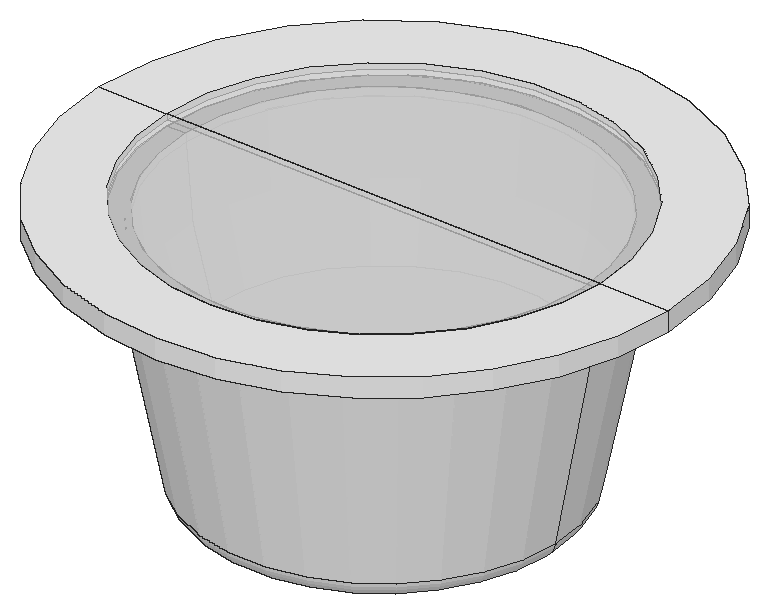
Revit family "2060540+2028036 Sylvania Lighting Fixture ASCENT 100 II ARCH 1000 3K STD 160 with IP44 Frost Glass", category Lighting Fixtures, host Face, Revit 2016
Family settings
  Host = Face
  Part Type = Normal
  Round Connector Dimension = Use Diameter
  OmniClass Number = 23.80.70.11.17
  OmniClass Title = Specialized Lighting by Location or Use
  Cut with Voids When Loaded = No
  Light Source = Yes
  Shared = No
  Room Calculation Point = No
Parameters (values of type "2060540+2028036 ASCT100 II ARCH 1000 3K STD 160 with IP44 Frost Glass")
  WidthBezelAcc_SYL = 25.0 mm
  Weight = "1.2 kg"
  Wattage = 7 W
  WarrantyStartDate [instance] = "n/a"
  WarrantyGuarantorParts = "n/a"
  WarrantyDurationUnit = "n/a"
  WarrantyDurationParts = "n/a"
  WarrantyDescription = "n/a"
  built-in parameter 1150110 = 1 (stored number, unit not read)
  Voltage = 0 V
  VisibilityAccessory_SYL = yes
  TypeName = "ASCENT 100 II ARCH 1000 3K STD 160 with IP44 Frost Glass"
  built-in parameter 1114217 = 1 (stored number, unit not read)
  Tilt Angle = -90°
  built-in parameter 1150109 = 1 (stored number, unit not read)
  built-in parameter 1150134 = (empty or 0)
  built-in parameter 1150113 = 1 (stored number, unit not read)
  SerialNumber [instance] = "n/a"
  ReflectorRadius_SYL = Radius_SYL - 14.5 mm  # 80.0 mm
  RadiusAcc_SYL = 105.0 mm
  Radius_SYL = 94.5 mm
  URL = "http://www.sylvania-lighting.com"
  PowerFactor = 0
  PowerConsumption = "7 W"
  Photometric Web File = "2060540.ies"
  NominalWidth = 0.0 mm
  NominalLength = 0.0 mm
  NominalHeight = 94.0 mm
  Name = "ASCENT 100 II ARCH 1000 3K STD 160 with IP44 Frost Glass"
  ModelReference = "ASCENT 100 II ARCH 1000 3K STD 160 with IP44 Frost Glass"
  ModelNumber = "2060540+2028036"
  Material_4_SYL = none
  Material_3_SYL = Polycarbonate_Sylvania_Ascent_Opal
  Material_2_SYL = Aluminium_Sylvania_Ascent_Silver
  Material_1_SYL = Aluminum_Sylvania_Ascent_White
  Material = "aluminium housing, arcylic diffuser"
  ManufacturerName = "Feilo Sylvania"
  LuminousEfficacy = "138 lm/W"
  built-in parameter 1150105 = 76.872 (stored number, unit not read)
  Lumens = 966 lm
  LuminaireType = ""
  built-in parameter 1150115 = 1 (stored number, unit not read)
  LightOutputRatio = "100"
  built-in parameter 1150137 = (empty or 0)
  built-in parameter 1150139 = (empty or 0)
  LampsType = Lamp  # "LED"
  LampNominalLuminous = "968 lm"
  LampMacAdamStep = "3"
  LampColourTemperature = "3000 K"
  LampColourRenderingIndex = "80"
  built-in parameter 1150112 = 1 (stored number, unit not read)
  built-in parameter 1150114 = 1 (stored number, unit not read)
  Keynote = "16500"
  InstallationDate [instance] = "n/a"
  InputVoltage = "n/a"
  InputNominalFrequency = "n/a"
  built-in parameter 1150132 = (empty or 0)
  built-in parameter 1150102 = (empty or 0)
  built-in parameter 1150107 = 3000 (stored number, unit not read)
  built-in parameter 1150138 = (empty or 0)
  IngressProtection = "IP44"
  ImpactProtectionIndex = "IK02"
  built-in parameter 1150106 = 0.76872 (stored number, unit not read)
  IfcExportType = "IfcLightFixtureType"
  IfcExportAs = "IfcLightFixtureType"
  Height_SYL = 94.0 mm
  HeightAcc_SYL = 7.0 mm
  ExpectedLife = 50000
  EmittionSurface_SYL = if(VisibilityAccessory_SYL, 7.0 mm, 3.0 mm)  # 7.0 mm
  Emit from Circle Diameter = DiffuserRadius_SYL * 2  # 146.0 mm
  Emit Shape Visible in Rendering = no
  ElectricShockClassification = "Class II"
  built-in parameter 1150104 = 12.821 (stored number, unit not read)
  DurationUnit = "hours"
  DocumentationLiterature = "http://www.sylvania-lighting.com/product/en-int/products/2060540"
  DimmingControlOptions = "n/a"
  Dimming Lamp Color Temperature Shift = <None>
  DiffuserRadius_SYL = ReflectorRadius_SYL - 7.0 mm  # 73.0 mm
  Diameter_SYL = 2 * Radius_SYL  # 189.0 mm
  CutoutDiameter_SYL = Diameter_SYL - 13.0 mm  # 176.0 mm
  CreatedOn = "9/17/2018"
  CreatedBy = "@sylvania-lighting.com"
  Color Filter = 16777215
  built-in parameter 1114216 [instance] = 1 (stored number, unit not read)
  Model = "ASCENT 100 II ARCH 1000 3K STD 160 with IP44 Frost Glass"
  Manufacturer = "Feilo Sylvania"
  Lamp = "LED"
  Description = "Direct LED retro fit for original LED 100 Arch (160) single CFL lamp offering Matching lumen levels and improved light distribution of original LED 100 CFL lamp equivalents Typically half the power consumption compared to CFL Up to 112lm/W 160mm aperture Architectural reflector accepts range of glass accessories from existing LED 100 Arch 160 offering HE, HO and VHO versions equivalent of single 1 x 18W, 1 x 32W, 1 x 42W\r\n Additional VVHO versions which offer the performance circa 2 x 32W equivalent"  # constant formula
  Default Elevation = 0.0 mm
  built-in parameter 1140040 [instance] = 1
  BarCode [instance] = "n/a"
  built-in parameter 1114218 = 1 (stored number, unit not read)
  built-in parameter 1150133 = 10 (stored number, unit not read)
  AssetType = "Fixed"
  AssetIdentifier [instance] = "n/a"
  Assembly Code = "D5020200"
  Apparent Load = 7 VA
  Aperture_SYL = 2 * ReflectorRadius_SYL  # 160.0 mm
Reference planes
  plane 1 "Center (Front/Back)": y = 0
  plane 2: z = 0
  plane 3 "Center (Left/Right)": x = 0
  plane 4 "Fixture Bottom": z = 3
  plane 5: z = -52.5
  plane 6 "Fixture Top": z = -91
  plane 7: x = -105
  plane 8: z = 7
  plane 9: x = -80
  plane 10: z = 5
  plane 11: x = -103
Forms (mm)
  Extrusion 1, solid, material "Aluminum_Sylvania_Ascent_White", detail levels fine
    sketch origin (0, 0, 0) x (1, 0, 0) y (0, 1, 0)
      loop
        circle (0, 0) r 94.5
      loop
        circle (0, 0) r 80
    from 0 to 3
  Extrusion 2, void
    sketch origin (0, 0, 0) x (1, 0, 0) y (0, 1, 0)
      loop
        circle (0, 0) r 88
    from -91 to 3
  Revolve 3, solid, material "Aluminum_Sylvania_Ascent_White" <- "Material_1_SYL", detail levels fine
    sketch origin (0, 0, 0) x (1, 0, 0) y (0, 0, 1)
      loop
        line (0, -91.073) -> (0, -89.023) -> (-55.468, -89.014)
        arc (-55.468, -89.014) -> (-59.352, -87.613) -> (-61.54, -84.139) r 6.307
        line (-61.54, -84.139) -> (-77.991, -2.844) -> (-77.991, 0) -> (-80, 0) -> (-80, -3) -> (-63.5, -84.536)
        arc (-63.5, -84.536) -> (-60.643, -89.203) -> (-55.5, -91.073) r 8.291
        line (-55.5, -91.073) -> (0, -91.073)
      axis (0, 0) -> (0, -91.073)
    angle from 0 to 360
  Revolve 4, solid, material "Aluminium_Sylvania_Ascent_Silver" <- "Material_2_SYL", detail levels fine
    sketch origin (0, 0, 0) x (1, 0, 0) y (0, 0, 1)
      loop
        line (-80, 3) -> (-80, 0) -> (-75, 0)
        arc (-75, 0) -> (-72.349, -26.77) -> (-64.5, -52.5) r 136.5
        line (-64.5, -52.5) -> (-58, -52.5)
        arc (-58, -52.5) -> (-56.857, -61.521) -> (-53.5, -69.971) r 36.166
        line (-53.5, -69.971) -> (0, -69.971) -> (0, -50.5) -> (-63.16, -50.5)
        arc (-63.16, -50.5) -> (-70.517, -25.725) -> (-73, 0) r 134.5
        line (-73, 0) -> (-73, 3) -> (-80, 3)
      axis (0, 3) -> (0, -69.971)
    angle from 0 to 360
  Extrusion 5, solid, material "Polycarbonate_Sylvania_Ascent_Opal" <- "Material_3_SYL", detail levels fine
    sketch origin (0, 0, 0) x (1, 0, 0) y (0, 1, 0)
      loop
        circle (0, 0) r 73
    from 0 to 3
  Revolve 6, solid, material "Aluminum_Sylvania_Ascent_White" <- "Material_1_SYL", detail levels coarse+medium
    sketch origin (0, 0, 0) x (1, 0, 0) y (0, 0, 1)
      loop
        line (0, -91.073) -> (0, 3) -> (-94.5, 3) -> (-94.5, 0) -> (-79.5, 0) -> (-79.5, -3) -> (-63, -84.536)
        arc (-63, -84.536) -> (-60.143, -89.203) -> (-55, -91.073) r 8.291
        line (-55, -91.073) -> (0, -91.073)
      axis (0, 3) -> (0, -91.073)
    angle from 0 to 360
  Revolve 7, solid, material "Aluminum_Sylvania_Ascent_White" <- "Material_1_SYL", visible <- "VisibilityAccessory_SYL"
    sketch origin (0, 0, 0) x (1, 0, 0) y (0, 0, 1)
      loop
        line (-105, 0) -> (-103, 0) -> (-103, 5) -> (-80, 5) -> (-80, 7) -> (-105, 7) -> (-105, 0)
      axis (0, 7) -> (0, 0)
    angle from 0 to 360
  Revolve 8, solid, material "Polycarbonate_Sylvania_Ascent_Opal" <- "Material_3_SYL", visible <- "VisibilityAccessory_SYL"
    sketch origin (0, 0, 0) x (1, 0, 0) y (0, 0, 1)
      loop
        line (-80, 7) -> (-80, 5) -> (0, 5) -> (0, 7) -> (-80, 7)
      axis (0, 7) -> (0, 5)
    angle from 0 to 360
Lines and regions (mm)
  reference lines
    curve 1: line (-150, 0, 7) -> (125, 0, 7)
Dimensions and locks
  locked: plane 4 "Fixture Bottom" to plane 2 at 3
  "Height_SYL": plane 4 "Fixture Bottom" to plane 6 "Fixture Top"
  "ReflectorRadius_SYL": plane 3 "Center (Left/Right)" to Revolve 4 sketch curve
  locked: Revolve 4 sketch curve to Revolve 4 sketch curve at 15.5
  locked: Revolve 4 sketch curve to Revolve 4 sketch curve at 5
  locked: Revolve 4 sketch curve to Revolve 4 sketch curve at 7
  locked: Revolve 4 sketch curve to Revolve 4 sketch curve at 22
  locked: Revolve 4 sketch curve to Revolve 4 sketch curve at 26.5
  locked: Revolve 3 sketch curve to Revolve 3 sketch curve at 16.5
  locked: Revolve 3 sketch curve to Revolve 3 sketch curve at 24.5
  "ReflectorRadius_SYL": Revolve 3 sketch curve to plane 3 "Center (Left/Right)"
  locked: Revolve 3 sketch curve to plane 6 "Fixture Top" at 6.464
  locked: plane 2 to Revolve 3 sketch curve at 3
  locked: Revolve 3 sketch curve to Revolve 3 sketch curve at 2
  locked: Revolve 3 sketch curve to Revolve 3 sketch curve at 2.009
  locked: plane 2 to plane 5 at 52.5
  locked: Revolve 6 sketch curve to Revolve 6 sketch curve at 31.5
  locked: Revolve 6 sketch curve to Revolve 6 sketch curve at 39.5
  locked: Revolve 6 sketch curve to Revolve 6 sketch curve at 15
  "Radius_SYL": plane 3 "Center (Left/Right)" to Revolve 6 sketch curve
  "RadiusAcc_SYL": plane 3 "Center (Left/Right)" to plane 7
  "HeightAcc_SYL": plane 8 to level
  "WidthBezelAcc_SYL": plane 7 to plane 9
  locked: plane 7 to plane 11 at 2
  locked: plane 8 to plane 10 at 2
  "EmittionSurface_SYL": curve 1 to level
  "CutoutDiameter_SYL": diameter of Extrusion 2 sketch curve
  "ReflectorRadius_SYL": radius of Extrusion 1 sketch curve
  "DiffuserRadius_SYL": radius of Extrusion 5 sketch curve
  "Radius_SYL": radius of Extrusion 1 sketch curve
  aligned and locked: host face to plane 2
  aligned and locked: host face to level
  aligned and locked: plane 4 "Fixture Bottom" to Extrusion 1
  aligned and locked: Extrusion 1 to plane 2
  aligned and locked: Revolve 3 sketch curve to plane 3 "Center (Left/Right)"
  aligned and locked: Revolve 4 sketch curve to plane 3 "Center (Left/Right)"  (x2)
  aligned and locked: plane 4 "Fixture Bottom" to Revolve 4 sketch curve
  aligned and locked: Extrusion 5 to plane 2
  aligned and locked: plane 2 to Revolve 3 sketch curve  (x2)
  aligned and locked: Revolve 6 sketch curve to plane 3 "Center (Left/Right)"
  aligned and locked: plane 6 "Fixture Top" to Extrusion 2
  aligned and locked: Revolve 7 sketch curve to plane 3 "Center (Left/Right)"
  aligned and locked: host face to Revolve 7 sketch curve  (x2)
  aligned and locked: Revolve 7 sketch curve to plane 7
  aligned and locked: plane 8 to Revolve 7 sketch curve
  aligned and locked: plane 9 to Revolve 7 sketch curve
  aligned and locked: Revolve 7 sketch curve to plane 10
  aligned and locked: plane 11 to Revolve 7 sketch curve
  aligned and locked: Revolve 7 to Revolve 8 sketch curve
  aligned and locked: Revolve 8 sketch curve to Revolve 7  (x2)
  aligned and locked: Revolve 8 sketch curve to plane 3 "Center (Left/Right)"  (x2)
  aligned and locked: plane 3 "Center (Left/Right)" to imposter light
  aligned and locked: imposter light to plane 1 "Center (Front/Back)"
  aligned and locked: imposter light to curve 1
Automatic sketch dimensions
  plane 1 "Center (Front/Back)" to Extrusion 2 sketch curve = 0.0 mm
  Extrusion 2 sketch curve to plane 3 "Center (Left/Right)" = 0.0 mm
  Extrusion 1 sketch curve to Extrusion 1 sketch curve = 0.0 mm  (x2)
  plane 1 "Center (Front/Back)" to Extrusion 1 sketch curve = 0.0 mm
  Extrusion 1 sketch curve to plane 3 "Center (Left/Right)" = 0.0 mm
  plane 6 "Fixture Top" to Revolve 3 sketch curve = 0.073 mm
  Revolve 3 sketch curve to plane 6 "Fixture Top" = 6.861 mm
  Revolve 3 sketch curve to Revolve 3 sketch curve = 0.003 mm
  Revolve 3 sketch curve to Revolve 3 sketch curve = 0.009 mm  (x2)
  Revolve 3 sketch curve to Revolve 3 sketch curve = 0.023 mm
  Revolve 3 sketch curve to Revolve 3 sketch curve = 0.072 mm
  Revolve 3 sketch curve to Revolve 3 sketch curve = 0.008 mm
  Revolve 3 sketch curve to plane 6 "Fixture Top" = 1.977 mm
  Revolve 3 sketch curve to Revolve 3 sketch curve = 33.496 mm
  Revolve 3 sketch curve to Revolve 3 sketch curve = 0.028 mm
  plane 4 "Fixture Bottom" to Revolve 3 sketch curve = 82.431 mm
  Revolve 4 sketch curve to Revolve 4 sketch curve = 0.0 mm  (x2)
  Revolve 4 sketch curve to plane 5 = 0.0 mm
  Revolve 4 sketch curve to level = 0.0 mm
  plane 5 to Revolve 4 sketch curve = 2.0 mm
  plane 4 "Fixture Bottom" to Revolve 4 sketch curve = 9.642 mm
  plane 1 "Center (Front/Back)" to Extrusion 5 sketch curve = 0.0 mm
  Extrusion 5 sketch curve to plane 3 "Center (Left/Right)" = 0.0 mm
  Revolve 4 sketch curve to level = 69.971 mm
  Revolve 4 sketch curve to Revolve 4 sketch curve = 2.387 mm
  Revolve 6 sketch curve to level = 0.0 mm
  Revolve 6 sketch curve to plane 3 "Center (Left/Right)" = 0.0 mm
  Revolve 6 sketch curve to Revolve 6 sketch curve = 8.104 mm
  Revolve 6 sketch curve to level = 3.0 mm
  Revolve 6 sketch curve to plane 6 "Fixture Top" = 6.464 mm
  plane 6 "Fixture Top" to Revolve 6 sketch curve = 0.073 mm
  Revolve 6 sketch curve to Revolve 6 sketch curve = 33.496 mm
  plane 4 "Fixture Bottom" to Revolve 6 sketch curve = 82.431 mm
  host sketch curve to host sketch curve = 1704.996 mm
  host sketch curve to host sketch curve = 1500.0 mm
  plane 6 "Fixture Top" to Revolve 7 sketch curve = 281.274 mm
  Revolve 7 sketch curve to plane 8 = 1140.706 mm
  plane 6 "Fixture Top" to Revolve 8 sketch curve = 281.274 mm
  Revolve 8 sketch curve to Revolve 8 sketch curve = 1140.706 mm
  Revolve 3 sketch curve to plane 3 "Center (Left/Right)" = 0.0 mm
  Revolve 6 sketch curve to plane 4 "Fixture Bottom" = 0.0 mm
  plane 7 to curve 1 = 45.0 mm
  plane 3 "Center (Left/Right)" to curve 1 = 125.0 mm
Connectors
  electrical at (0, 0, -91.073), driven by "Apparent Load"
    settings: on Revolve 3, index 1, voltage 240 V, apparent load 0 VA, apparent load phase1 7 VA, apparent load phase2 0 VA, apparent load phase3 0 VA, power factor 1, load classification "Lighting", number of poles 1, system type 31, power factor state 1, is connector primary yes, connector utility no, sub classification motor no, connector description ""
